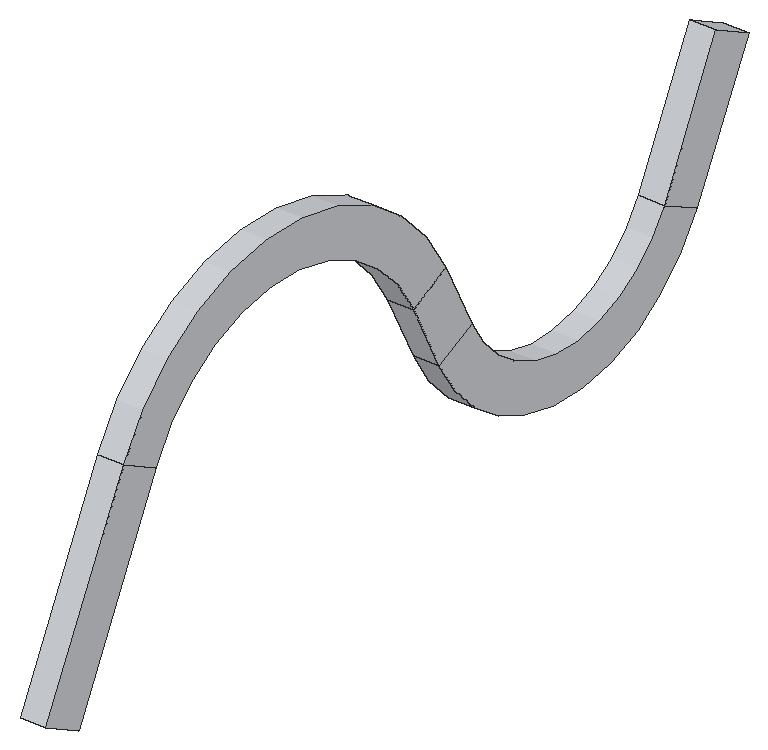
Revit family
Parameters
  sp = 40 mm
  r = cc * 1 mm  # 279.508 mm
  lsd = asd / c  # 50 mm
  lsc = asc / c  # 100 mm
  lg = ag / c  # 150 mm
  l2 = l1  # 500 mm
  l1 = 500 mm
  er = r - (((l1 / 2) * lsc) / asc)  # 154.508 mm
  cc = sqrt(((l1 / 2 mm) ^ 2) + ((((l1 / 2 mm) * lsc) / asc) ^ 2))  # 279.5085
  c = 2
  asd = 100 mm
  asc = 200 mm
  ap = 70 mm
  ag = 300 mm
  90 = 90.00°
  0 = 0 mm
Reference planes
  plane 1 "Center (Front/Back)": y = 0
  plane 2: z = 0
  plane 3 "Center (Left/Right)": x = 0
  plane 4: y = 350
  plane 5: y = 250
  plane 6: z = 200
  plane 7: z = 400
  plane 8: y = -250
  plane 9: y = -300
  plane 10: z = 300
  plane 11: z = 45.492
  plane 12: z = 115.492
  plane 13: y = -550
  plane 14: y = -800
  plane 15: y = -300
  plane 16: y = -300
  plane 17: z = 454.508
  plane 18: z = 524.508
  plane 19: y = -950
  plane 20: y = -800
Forms (mm)
  Extrusion 1, solid
    sketch origin (0, 0, 0) x (0, 1, 0) y (0, 0, 1)
      loop
        line (287.39, 431.305) -> (187.39, 231.305) -> (250, 200) -> (350, 400) -> (287.39, 431.305)
    from 0 to 40 <- "sp"
  Extrusion 2, solid
    sketch origin (0, 0, 0) x (0, 1, 0) y (0, 0, 1)
      loop
        line (-300, 300) -> (-250, 200) -> (-187.39, 231.305) -> (-237.39, 331.305) -> (-300, 300)
    from 0 to 40 <- "sp"
  Extrusion 3, solid
    sketch origin (0, 0, 0) x (0, 1, 0) y (0, 0, 1)
      loop
        line (250, 200) -> (187.39, 231.305)
        arc (187.39, 231.305) -> (0, 115.492) -> (-187.39, 231.305) r 209.508
        line (-187.39, 231.305) -> (-250, 200)
        arc (-250, 200) -> (0, 45.492) -> (250, 200) r 279.508
    from 0 to 40 <- "sp"
  Extrusion 4, solid
    sketch origin (0, 0, 0) x (0, 1, 0) y (0, 0, 1)
      loop
        line (-800, 300) -> (-862.61, 331.305) -> (-1012.61, 31.305) -> (-950, 0) -> (-800, 300)
    from 0 to 40 <- "sp"
  Sweep 5, solid
    path in 3D
      loop
        arc (0, -300, 300) -> (0, -550, 454.508) -> (0, -800, 300) r 279.508
    profile origin (0, -550, 454.508) x (0, 0, -1) y (1, 0, 0)
      loop
        line (-70, 0) -> (0, 0) -> (0, 40) -> (-70, 40) -> (-70, 0)
Lines and regions (mm)
  reference lines
    curve 1: line (0, 350, 400) -> (0, 250, 200)
    curve 2: line (0, -250, 200) -> (0, -300, 300)
    curve 3: arc (0, 250, 200) -> (0, 0, 45.492) -> (0, -250, 200) r 279.508
    curve 4: line (0, 0, 115.492) -> (0, 0, 45.492)
    curve 5: line (0, -800, 300) -> (0, -950, 0)
    curve 6: line (0, -550, 524.508) -> (0, -550, 454.508)
    curve 7: arc (0, -300, 300) -> (0, -550, 454.508) -> (0, -800, 300) r 279.508
  sketch lines
    curve 8: arc (0, -300, 300) -> (0, -550, 454.508) -> (0, -800, 300) r 279.508
Dimensions and locks
  "0": plane 4 to curve 1
  "0": plane 6 to curve 1
  "0": plane 7 to curve 1
  "0": plane 5 to curve 1
  "0": curve 2 to plane 9
  "0": curve 2 to plane 8
  "0": plane 10 to curve 2
  "0": plane 6 to curve 2
  "asc": plane 7 to plane 6
  "lsc": plane 4 to plane 5
  "lsd": plane 8 to plane 9
  "asd": plane 10 to plane 6
  equal spacing: plane 5, plane 1 "Center (Front/Back)", plane 8
  "l1": plane 5 to plane 8
  "er": plane 6 to plane 11
  "ap": Extrusion 1 sketch curve to Extrusion 1 sketch curve
  "ap": Extrusion 2 sketch curve to Extrusion 2 sketch curve
  "ap": plane 12 to plane 11
  equal spacing: plane 16, plane 13, plane 14
  "l2": plane 16 to plane 14
  "er": plane 17 to plane 10
  "ag": plane 10 to level
  "ap": plane 18 to plane 17
  "lg": plane 20 to plane 19
  "0": curve 5 to level
  "0": plane 19 to curve 5
  "0": plane 20 to curve 5
  "0": curve 5 to plane 10
  "ap": Extrusion 4 sketch curve to Extrusion 4 sketch curve
  "sp": Sweep 5 sketch curve to Sweep 5 sketch curve
  "ap": Sweep 5 sketch curve to Sweep 5 sketch curve
  "0": profile plane to Sweep 5 sketch curve  (x2)
  aligned and locked: Extrusion 1 sketch curve to curve 1  (x2)
  aligned and locked: Extrusion 1 sketch curve to curve 3
  aligned and locked: curve 2 to Extrusion 2 sketch curve
  aligned and locked: Extrusion 2 sketch curve to curve 3
  aligned and locked: Extrusion 2 sketch curve to curve 2
  aligned and locked: plane 12 to curve 4
  aligned and locked: Extrusion 3 sketch curve to curve 3
  aligned and locked: Extrusion 3 sketch curve to Extrusion 1  (x2)
  aligned and locked: Extrusion 3 sketch curve to Extrusion 2
  aligned and locked: Extrusion 2 to Extrusion 3 sketch curve
  aligned and locked: plane 15 to plane 9
  aligned and locked: plane 15 to plane 16
  aligned and locked: plane 14 to plane 20
  aligned and locked: plane 17 to curve 6
  aligned and locked: plane 18 to curve 6
  aligned and locked: curve 6 to plane 13
  aligned and locked: Extrusion 4 sketch curve to curve 5  (x2)
  aligned and locked: Extrusion 4 sketch curve to curve 7
Automatic sketch dimensions
  Extrusion 3 sketch curve to Extrusion 3 sketch curve = 0 mm
  curve 4 to plane 1 "Center (Front/Back)" = 0 mm
  curve 4 to plane 11 = 0 mm
